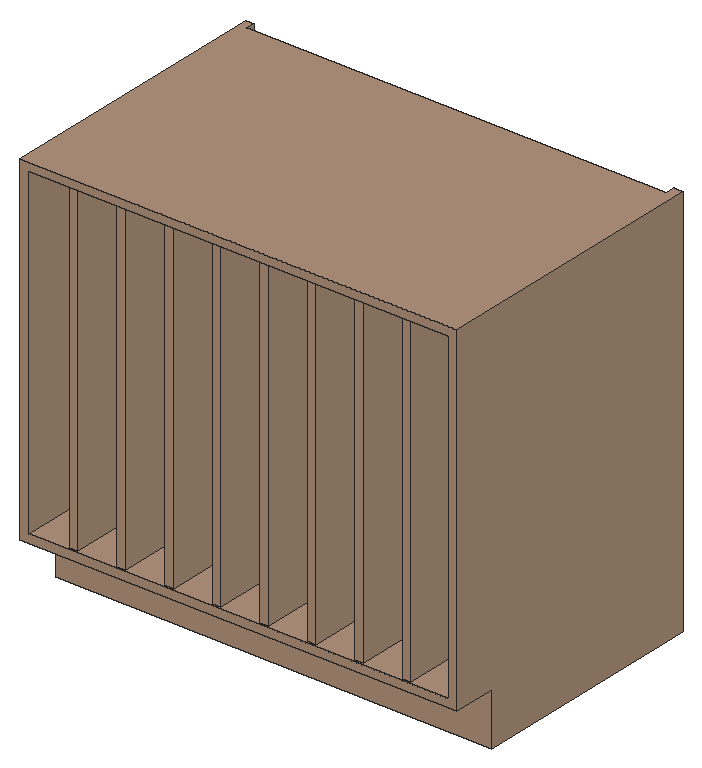
Revit family "Base_Cabinets-Teknion-RHBP_Pigeonhole_Base_Cabinet-R2018", category Furniture, Revit 2018
Family settings
  OmniClass Number = 23.40.20.00
  OmniClass Title = General Furniture and Specialties
  Work Plane-Based = No
  Always vertical = Yes
  Cut with Voids When Loaded = No
  Shared = Yes
  Room Calculation Point = No
Parameters (values of type "Plain (Full Height) Divider Style, 24" Depth, 33" Height")
  Width [instance] = 36.000"
  Warranty = "http://www.teknion.com/ca/papers/legal-canada"
  Unit Weight URL = "http://www.teknion.com/ca/tools/assets#&asset=bee6a381-b954-425e-8283-5a2de3a804f2,f828d448-4b62-4231-9e5f-9a8991c0ed77"
  URL = "www.teknion.com"
  To render please download texture images found here [instance] = "https://assets.teknion.com/web/5e81352c1dfdb467/revit-material-swatches/"
  Sustainability Data = "https://www.teknion.com/ca/tools/assets#&topic=216f99a5-57a0-44fc-b10a-9dee9b29ae4c&asset=444deb64-fe58-4b68-981e-f75e97781df7,b4ff2d81-9f2e-437d-9659-7cffb09c31cf"
  Split Divider Style = not(Plain Divider Style)  # no
  Series = "Modular Cabinets"  # constant formula
  Product Page URL = "https://www.teknion.com/ca/products/product-details?productLineId=217e336e-8e7a-673b-a6c8-ff00004460c4"
  Product Line = "Modular Cabinets"  # constant formula
  Product Documentation Link = "https://www.teknion.com/pricing/modular-cabinets/pdfs/RHBp_ppg.pdf"
  Plain Divider Style = yes
  Part Number = "RHBP"  # constant formula
  Number of Dividers [instance] = if(Width = 15.000", 3, if(Width = 18.000", 3, if(Width = 21.000", 4, if(Width = 24.000", 5, if(Width = 27.000", 5, if(Width = 30.000", 6, if(Width = 33.000", 7, if(Width = 36.000", 8, 2))))))))  # 8
  Model = "RHBPP24__33"
  Manufacturer Phone = "416-661-3370"  # constant formula
  Manufacturer Fax = "416.661.4586"  # constant formula
  Manufacturer Contact Information = "http://www.teknion.com/ca/contactus"
  Manufacturer Address = "1150 Flint Road, Toronto, ON. M3J 2J5. Canada"  # constant formula
  Manufacturer = "Teknion"  # constant formula
  Divider Spacing [instance] = if(Width = 15.000", 2.974", if(Width = 18.000", 3.624", if(Width = 21.000", 3.359", if(Width = 24.000", 3.182", if(Width = 27.000", 3.682", if(Width = 30.000", 3.485", if(Width = 33.000", 3.337", if(Width = 36.000", 3.221", 3.066"))))))))  # 3.221"
  How To Use Teknion Materials User Guide [instance] = "https://assets.teknion.com/m/205dd0a49fa58060/original/How-to-add-a-Material-Library-and-Texture-Images-to-your-Revit-project.pdf"
  Height = 32.500"
  For Additional Finishes please visit [instance] = "https://assets.teknion.com/m/44a8009b046e5d47/original/Teknion_Materials_Library.zip"
  Divider Height [instance] = if(Height = 35.000", 29.268", 26.768")  # 26.768"
  Description = "Pigeonhole Base Cabinet, Plain (Full Height) Divider Style, 24\" Depth, 33\" Height"
  Case Finish [instance] = Source Laminate - Teknion - 3M - Provincial Oak (Cross Grain)
  Available Widths [instance] = "12, 15, 18, 21, 24, 27, 30, 33, or 36 inches."  # constant formula
  Assembly Code = "E2020200"
Types (5): name | Split Divider Style | Plain Divider Style | Model | Height | Divider Height | Description
  (no name) | no | yes | "RHBPP24__33" | 32.500" | 26.768" | "Pigeonhole Base Cabinet, Plain (Full Height) Divider Style, 24\" Depth, 33\" Height"
  Plain (Full Height) Divider Style, 24" Depth, 33" Height | no | yes | "RHBPP24__33" | 32.500" | 26.768" | "Pigeonhole Base Cabinet, Plain (Full Height) Divider Style, 24\" Depth, 33\" Height"
  Split (Half-Height) Divider Style, 24" Depth, 33" Height | yes | no | "RHBPS24__33" | 32.500" | 26.768" | "Pigeonhole Base Cabinet, Split (Half-Height) Divider Style, 24\" Depth, 33\" Height"
  Plain (Full Height) Divider Style, 24" Depth, 35" Height | no | yes | "RHBPP24__35" | 35.000" | 29.268" | "Pigeonhole Base Cabinet, Plain (Full Height) Divider Style, 24\" Depth, 35\" Height"
  Split (Half-Height) Divider Style, 24" Depth, 35" Height | yes | no | "RHBPS24__35" | 35.000" | 29.268" | "Pigeonhole Base Cabinet, Split (Half-Height) Divider Style, 24\" Depth, 35\" Height"
Reference planes (in)
  plane 1 "Center Front/Back": y = -1.56206
  plane 2: z = 0
  plane 3 "Center Left/Right": x = 0.0417
  plane 4 "Left": x = -17.9583
  plane 5 "Right": x = 18.0417
  plane 6 "Back": y = 10.04818
  plane 7 "Front": y = -13.17229
  plane 8 "Top": z = 32.5
  plane 9: z = 0
  plane 10: z = 0
  plane 11: z = 0
  plane 12: z = 0
  plane 13: z = 0
  plane 14: z = 0
  plane 15: z = 0
  plane 16: z = 0
  plane 17: z = 18.41535
  plane 18: z = 4.33071
Forms (in)
  Sweep 1, solid, material "Source Laminate - Teknion - 3M - Provincial Oak (Cross Grain)" <- "Case Finish"
    path origin (0, -1.56206, 0) x (1, 0, 0) y (0, 0, 1)
      loop
        line (0.0417, 0) -> (0.0417, 32.5)
    profile origin (0.0417, -1.56206, 16.25) x (-1, 0, 0) y (0, -1, 0)
      loop
        line (18, -11.61024) -> (18, 11.61024) -> (-18, 11.61024) -> (-18, -11.61024) -> (-17.29921, -11.61024) -> (-17.29921, -10.8622) -> (17.29921, -10.8622) -> (17.29921, -11.61024) -> (18, -11.61024)
  Sweep 2, void
    path origin (0, 0, 0) x (1, 0, 0) y (0, 1, 0)
      loop
        line (-19.91306, -1.56206) -> (19.99646, -1.56206)
    profile origin (0.0417, -1.56206, 0) x (0, 1, 0) y (0, 0, 1)
      loop
        line (-11.61024, 0) -> (-7.98189, 0) -> (-7.98189, 4.33071) -> (-11.61024, 4.33071) -> (-11.61024, 0)
  Sweep 3, void
    path origin (0, 0, 0) x (1, 0, 0) y (0, 1, 0)
      loop
        line (0.0417, -13.17229) -> (0.0417, 8.59936)
    profile origin (0.0417, -2.28647, 0) x (-1, 0, 0) y (0, 0, 1)
      loop
        line (17.29921, 31.79921) -> (-17.29921, 31.79921) -> (-17.29921, 5.0315) -> (17.29921, 5.0315) -> (17.29921, 31.79921)
  Sweep 4, solid, material "Source Laminate - Teknion - 3M - Provincial Oak (Cross Grain)" <- "Case Finish"
    path origin (-11.84462, 0, 0) x (1, 0, 0) y (0, 1, 0)
      loop
        line (-1.8415, -12.97544) -> (-1.8415, 8.59936)
    profile origin (-13.68612, -2.18804, 0) x (-1, 0, 0) y (0, 0, 1)
      loop
        line (0.35039, 31.7995) -> (-0.35039, 31.7995) -> (-0.35039, 5.0315) -> (0.35039, 5.0315) -> (0.35039, 31.7995)
  Sweep 5, solid, material "Source Laminate - Teknion - 3M - Provincial Oak (Cross Grain)" <- "Case Finish", visible <- "Split Divider Style"
    path origin (0, 0, 0) x (1, 0, 0) y (0, 1, 0)
      loop
        line (0.0417, -13.17229) -> (0.0417, 8.59936)
    profile origin (0.0417, -2.28647, 0) x (-1, 0, 0) y (0, 0, 1)
      loop
        line (17.29921, 18.76575) -> (-17.29921, 18.76575) -> (-17.29921, 18.06496) -> (17.29921, 18.06496) -> (17.29921, 18.76575)
  Sweep 6, solid, material "Source Laminate - Teknion - 3M - Provincial Oak (Cross Grain)" <- "Case Finish"
    path origin (-7.92283, 0, 0) x (1, 0, 0) y (0, 1, 0)
      loop
        line (-1.8415, -12.97544) -> (-1.8415, 8.59936)
    profile origin (-9.76433, -2.18804, 0) x (-1, 0, 0) y (0, 0, 1)
      loop
        line (0.35039, 31.7995) -> (-0.35039, 31.7995) -> (-0.35039, 5.0315) -> (0.35039, 5.0315) -> (0.35039, 31.7995)
  Sweep 7, solid, material "Source Laminate - Teknion - 3M - Provincial Oak (Cross Grain)" <- "Case Finish"
    path origin (-4.00104, 0, 0) x (1, 0, 0) y (0, 1, 0)
      loop
        line (-1.8415, -12.97544) -> (-1.8415, 8.59936)
    profile origin (-5.84254, -2.18804, 0) x (-1, 0, 0) y (0, 0, 1)
      loop
        line (0.35039, 31.7995) -> (-0.35039, 31.7995) -> (-0.35039, 5.0315) -> (0.35039, 5.0315) -> (0.35039, 31.7995)
  Sweep 8, solid, material "Source Laminate - Teknion - 3M - Provincial Oak (Cross Grain)" <- "Case Finish"
    path origin (-0.07925, 0, 0) x (1, 0, 0) y (0, 1, 0)
      loop
        line (-1.8415, -12.97544) -> (-1.8415, 8.59936)
    profile origin (-1.92076, -2.18804, 0) x (-1, 0, 0) y (0, 0, 1)
      loop
        line (0.35039, 31.7995) -> (-0.35039, 31.7995) -> (-0.35039, 5.0315) -> (0.35039, 5.0315) -> (0.35039, 31.7995)
  Sweep 9, solid, material "Source Laminate - Teknion - 3M - Provincial Oak (Cross Grain)" <- "Case Finish"
    path origin (3.84253, 0, 0) x (1, 0, 0) y (0, 1, 0)
      loop
        line (-1.8415, -12.97544) -> (-1.8415, 8.59936)
    profile origin (2.00103, -2.18804, 0) x (-1, 0, 0) y (0, 0, 1)
      loop
        line (0.35039, 31.7995) -> (-0.35039, 31.7995) -> (-0.35039, 5.0315) -> (0.35039, 5.0315) -> (0.35039, 31.7995)
  Sweep 10, solid, material "Source Laminate - Teknion - 3M - Provincial Oak (Cross Grain)" <- "Case Finish"
    path origin (7.76432, 0, 0) x (1, 0, 0) y (0, 1, 0)
      loop
        line (-1.8415, -12.97544) -> (-1.8415, 8.59936)
    profile origin (5.92282, -2.18804, 0) x (-1, 0, 0) y (0, 0, 1)
      loop
        line (0.35039, 31.7995) -> (-0.35039, 31.7995) -> (-0.35039, 5.0315) -> (0.35039, 5.0315) -> (0.35039, 31.7995)
  Sweep 11, solid, material "Source Laminate - Teknion - 3M - Provincial Oak (Cross Grain)" <- "Case Finish"
    path origin (11.68611, 0, 0) x (1, 0, 0) y (0, 1, 0)
      loop
        line (-1.8415, -12.97544) -> (-1.8415, 8.59936)
    profile origin (9.84461, -2.18804, 0) x (-1, 0, 0) y (0, 0, 1)
      loop
        line (0.35039, 31.7995) -> (-0.35039, 31.7995) -> (-0.35039, 5.0315) -> (0.35039, 5.0315) -> (0.35039, 31.7995)
  Sweep 12, solid, material "Source Laminate - Teknion - 3M - Provincial Oak (Cross Grain)" <- "Case Finish"
    path origin (15.6079, 0, 0) x (1, 0, 0) y (0, 1, 0)
      loop
        line (-1.8415, -12.97544) -> (-1.8415, 8.59936)
    profile origin (13.76639, -2.18804, 0) x (-1, 0, 0) y (0, 0, 1)
      loop
        line (0.35039, 31.7995) -> (-0.35039, 31.7995) -> (-0.35039, 5.0315) -> (0.35039, 5.0315) -> (0.35039, 31.7995)
Cuts and joins
  Sweep 2, Sweep 3 cuts Sweep 1
Lines and regions (in)
  Masking region 1
    outline origin (0, 0, 0) x (1, 0, 0) y (0, 1, 0)
      loop
        line (-17.9583, 10.04818) -> (-17.9583, -13.17229) -> (18.0417, -13.17229) -> (18.0417, 10.04818) -> (17.34091, 10.04818) -> (17.34091, 9.30015) -> (-17.25751, 9.30015) -> (-17.25751, 10.04818) -> (-17.9583, 10.04818)
  symbolic lines, style "FurnitureHiddenLines", detail levels medium+fine
    curve 1: line (-17.25751, 8.59936, 0) -> (-17.25751, -13.17229, 0)
    curve 2: line (17.34091, 8.59936, 0) -> (-17.25751, 8.59936, 0)
    curve 3: line (17.34091, -13.17229, 0) -> (17.34091, 8.59936, 0)
    curve 5: line (-14.03651, 8.59936, 0) -> (-14.03651, -12.97544, 0)
    curve 6: line (-13.33572, -12.97544, 0) -> (-13.33572, 8.59936, 0)
    curve 7: line (-13.33572, -12.97544, 0) -> (-14.03651, -12.97544, 0)
    curve 10: line (-10.11472, 8.59936, 0) -> (-10.11472, -12.97544, 0)
    curve 11: line (-9.41394, -12.97544, 0) -> (-9.41394, 8.59936, 0)
    curve 12: line (-9.41394, -12.97544, 0) -> (-10.11472, -12.97544, 0)
    curve 13: line (-6.19294, 8.59936, 0) -> (-6.19294, -12.97544, 0)
    curve 14: line (-5.49215, -12.97544, 0) -> (-5.49215, 8.59936, 0)
    curve 15: line (-5.49215, -12.97544, 0) -> (-6.19294, -12.97544, 0)
    curve 16: line (-2.27115, 8.59936, 0) -> (-2.27115, -12.97544, 0)
    curve 17: line (-1.57036, -12.97544, 0) -> (-1.57036, 8.59936, 0)
    curve 18: line (-1.57036, -12.97544, 0) -> (-2.27115, -12.97544, 0)
    curve 19: line (1.65064, 8.59936, 0) -> (1.65064, -12.97544, 0)
    curve 20: line (2.35143, -12.97544, 0) -> (2.35143, 8.59936, 0)
    curve 21: line (2.35143, -12.97544, 0) -> (1.65064, -12.97544, 0)
    curve 22: line (5.57243, 8.59936, 0) -> (5.57243, -12.97544, 0)
    curve 23: line (6.27321, -12.97544, 0) -> (6.27321, 8.59936, 0)
    curve 24: line (6.27321, -12.97544, 0) -> (5.57243, -12.97544, 0)
    curve 25: line (9.49421, 8.59936, 0) -> (9.49421, -12.97544, 0)
    curve 26: line (10.195, -12.97544, 0) -> (10.195, 8.59936, 0)
    curve 27: line (10.195, -12.97544, 0) -> (9.49421, -12.97544, 0)
    curve 28: line (13.416, 8.59936, 0) -> (13.416, -12.97544, 0)
    curve 29: line (14.11679, -12.97544, 0) -> (14.11679, 8.59936, 0)
    curve 30: line (14.11679, -12.97544, 0) -> (13.416, -12.97544, 0)
  symbolic lines, style "FurnitureHiddenLines", detail levels fine
    curve 4: line (18.0417, -9.54395, 0) -> (-17.9583, -9.54395, 0)
  reference lines
    curve 8: line (-17.9583, 10.04818, 0) -> (-17.9583, -13.17229, 0)
    curve 9: line (18.0417, 10.04818, 0) -> (18.0417, -13.17229, 0)
Dimensions and locks (in)
  "Width": plane 4 "Left" to plane 5 "Right"
  locked: plane 6 "Back" to plane 7 "Front" at 23.22047
  "Height": plane 8 "Top" to level
  equal spacing: plane 4 "Left", plane 3 "Center Left/Right", plane 5 "Right"
  equal spacing: plane 7 "Front", plane 1 "Center Front/Back", plane 6 "Back"
  locked: plane 4 "Left" to Sweep 1 sketch curve at 0.70079
  locked: Sweep 1 sketch curve to plane 5 "Right" at 0.70079
  locked: plane 6 "Back" to Sweep 1 sketch curve at 0.74803
  locked: Sweep 2 sketch curve to plane 4 "Left" at 1.95476
  locked: plane 5 "Right" to Sweep 2 sketch curve at 1.95476
  locked: Sweep 2 sketch curve to level at 4.33071
  locked: Sweep 2 sketch curve to plane 7 "Front" at 3.62835
  locked: plane 6 "Back" to Sweep 3 sketch curve at 1.44882
  locked: plane 8 "Top" to Sweep 3 sketch curve at 0.70079
  locked: Sweep 3 sketch curve to plane 4 "Left" at 0.70079
  locked: Sweep 3 sketch curve to plane 5 "Right" at 0.70079
  locked: Sweep 3 sketch curve to level at 5.0315
  locked: Sweep 4 sketch curve to Sweep 4 sketch curve at 0.70079
  "Divider Spacing": cut or joined group of Sweep 1, Sweep 2, Sweep 3 to Sweep 4
  locked: plane 6 "Back" to Sweep 5 sketch curve at 1.44882
  locked: Sweep 5 sketch curve to plane 4 "Left" at 0.70079
  locked: Sweep 5 sketch curve to plane 5 "Right" at 0.70079
  "Divider Height": Sweep 4 sketch curve to Sweep 4 sketch curve
  locked: Sweep 4 sketch curve to plane 9 at 5.0315
  locked: Sweep 6 sketch curve to Sweep 6 sketch curve at 0.70079
  "Divider Height": Sweep 6 sketch curve to Sweep 6 sketch curve
  locked: Sweep 6 sketch curve to plane 10 at 5.0315
  equal spacing: group 1, group 2, group 3, group 4, group 5, group 6, group 7, group 8  (x3)
  "Divider Spacing": Sweep 6 to Sweep 4
  locked: Sweep 7 sketch curve to Sweep 7 sketch curve at 0.70079
  "Divider Height": Sweep 7 sketch curve to Sweep 7 sketch curve
  locked: Sweep 7 sketch curve to plane 11 at 5.0315
  locked: Sweep 8 sketch curve to Sweep 8 sketch curve at 0.70079
  "Divider Height": Sweep 8 sketch curve to Sweep 8 sketch curve
  locked: Sweep 8 sketch curve to plane 12 at 5.0315
  locked: Sweep 9 sketch curve to Sweep 9 sketch curve at 0.70079
  "Divider Height": Sweep 9 sketch curve to Sweep 9 sketch curve
  locked: Sweep 9 sketch curve to plane 13 at 5.0315
  locked: Sweep 10 sketch curve to Sweep 10 sketch curve at 0.70079
  "Divider Height": Sweep 10 sketch curve to Sweep 10 sketch curve
  locked: Sweep 10 sketch curve to plane 14 at 5.0315
  locked: Sweep 11 sketch curve to Sweep 11 sketch curve at 0.70079
  "Divider Height": Sweep 11 sketch curve to Sweep 11 sketch curve
  locked: Sweep 11 sketch curve to plane 15 at 5.0315
  locked: Sweep 12 sketch curve to Sweep 12 sketch curve at 0.70079
  "Divider Height": Sweep 12 sketch curve to Sweep 12 sketch curve
  locked: Sweep 12 sketch curve to plane 16 at 5.0315
  Sweep 5 sketch curve to plane 17 to Sweep 5 sketch curve = 0.35039" locked, 0.35039" locked
  locked: plane 18 to level at 4.33071
  equal spacing: plane 8 "Top", plane 17, plane 18
  aligned and locked: level to plane 2
  aligned and locked: plane 8 "Top" to Sweep 1 sketch curve
  aligned and locked: level to Sweep 1 sketch curve
  aligned and locked: plane 3 "Center Left/Right" to Sweep 1 sketch curve
  aligned and locked: Sweep 1 sketch curve to plane 6 "Back"
  aligned and locked: Sweep 1 sketch curve to plane 4 "Left"
  aligned and locked: Sweep 1 sketch curve to plane 5 "Right"
  aligned and locked: Sweep 1 sketch curve to plane 7 "Front"
  aligned and locked: Sweep 2 sketch curve to plane 1 "Center Front/Back"
  aligned and locked: Sweep 2 sketch curve to plane 7 "Front"
  aligned and locked: level to Sweep 2 sketch curve
  aligned and locked: plane 7 "Front" to Sweep 3 sketch curve
  aligned and locked: Sweep 3 sketch curve to plane 3 "Center Left/Right"
  aligned and locked: plane 3 "Center Left/Right" to Sweep 5 sketch curve
  aligned and locked: plane 7 "Front" to Sweep 5 sketch curve
  aligned and locked: Masking region 1 sketch curve to plane 4 "Left"
  aligned and locked: Masking region 1 sketch curve to plane 5 "Right"
  aligned and locked: Masking region 1 sketch curve to cut or joined group of Sweep 1, Sweep 2, Sweep 3  (x5)
  aligned and locked: Masking region 1 sketch curve to plane 7 "Front"
  aligned and locked: curve 1 to Sweep 5
  aligned and locked: curve 2 to Sweep 5
  aligned and locked: curve 3 to Sweep 5
  aligned and locked: curve 4 to cut or joined group of Sweep 1, Sweep 2, Sweep 3
  aligned and locked: curve 5 to Sweep 4
  aligned and locked: curve 6 to Sweep 4
  aligned and locked: curve 7 to Sweep 4
  aligned and locked: curve 8 to plane 4 "Left"
  aligned and locked: curve 9 to plane 5 "Right"
  aligned and locked: curve 10 to Sweep 6
  aligned and locked: curve 11 to Sweep 6
  aligned and locked: curve 12 to Sweep 6
  aligned and locked: curve 13 to Sweep 7
  aligned and locked: curve 14 to Sweep 7
  aligned and locked: curve 15 to Sweep 7
  aligned and locked: curve 16 to Sweep 8
  aligned and locked: curve 17 to Sweep 8
  aligned and locked: curve 18 to Sweep 8
  aligned and locked: curve 19 to Sweep 9
  aligned and locked: curve 20 to Sweep 9
  aligned and locked: curve 21 to Sweep 9
  aligned and locked: curve 22 to Sweep 10
  aligned and locked: curve 23 to Sweep 10
  aligned and locked: curve 24 to Sweep 10
  aligned and locked: curve 25 to Sweep 11
  aligned and locked: curve 26 to Sweep 11
  aligned and locked: curve 27 to Sweep 11
  aligned and locked: curve 28 to Sweep 12
  aligned and locked: curve 29 to Sweep 12
  aligned and locked: curve 30 to Sweep 12
Automatic sketch dimensions
  Sweep 1 sketch curve to Sweep 1 sketch curve = 0.74803"
  Sweep 4 sketch curve to Sweep 4 sketch curve = 21.5748"
  plane 7 "Front" to curve 1 = 0.000"
  plane 7 "Front" to curve 3 = 0.000"
  curve 4 to plane 4 "Left" = 0.000"
  curve 4 to plane 5 "Right" = 0.000"
  curve 5 to curve 7 = 0.70079"
  curve 6 to curve 6 = 21.5748"
  curve 5 to curve 6 = 0.70079"
  curve 8 to plane 7 "Front" = 0.000"
  curve 8 to plane 6 "Back" = 0.000"
  plane 7 "Front" to curve 9 = 0.000"
  curve 9 to plane 6 "Back" = 0.000"
  profile plane to Sweep 4 sketch curve = 0.35039"
  Sweep 6 sketch curve to Sweep 6 sketch curve = 21.5748"
  profile plane to Sweep 6 sketch curve = 0.35039"
  Sweep 7 sketch curve to Sweep 7 sketch curve = 21.5748"
  profile plane to Sweep 7 sketch curve = 0.35039"
  Sweep 8 sketch curve to Sweep 8 sketch curve = 21.5748"
  profile plane to Sweep 8 sketch curve = 0.35039"
  Sweep 9 sketch curve to Sweep 9 sketch curve = 21.5748"
  profile plane to Sweep 9 sketch curve = 0.35039"
  Sweep 10 sketch curve to Sweep 10 sketch curve = 21.5748"
  profile plane to Sweep 10 sketch curve = 0.35039"
  Sweep 11 sketch curve to Sweep 11 sketch curve = 21.5748"
  profile plane to Sweep 11 sketch curve = 0.35039"
  Sweep 12 sketch curve to Sweep 12 sketch curve = 21.5748"
  profile plane to Sweep 12 sketch curve = 0.35039"
